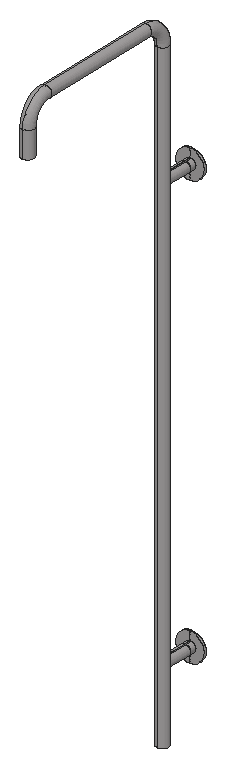
Revit family "Reece_Shower_Milli_Mood Edit_Shower Arm_Arm Only", category Plumbing Fixtures, Revit 2018
Family settings
  Round Connector Dimension = Use Diameter
  Part Type = Normal
  Work Plane-Based = Yes
  Always vertical = Yes
  Cut with Voids When Loaded = Yes
  Shared = Yes
  Room Calculation Point = Yes
Parameters (values of type "Gunmetal")
  URL = "https://www.reece.com.au/product/-2299612"
  Type Comments = "Shower"
  Reece_Shower_Inlet = 12 mm  # constant formula
  Reece_Shower_Arm_Length = 350 mm  # constant formula
  Reece_Rail_Length = 1350 mm  # constant formula
  Reece_Product_Web Page = "https://www.reece.com.au/product/-2299612"
  Reece_Product_Type = "Shower"  # constant formula
  Reece_Product_Sub Brand = "Mood Edit"  # constant formula
  Reece_Product_Number = "2299612"
  Reece_Product_Mount = "Wall Mounted"
  Reece_Product_Description = "Milli Mood Edit Column Shower Arm Only Gunmetal"
  Reece_Product_Brand = "Milli"  # constant formula
  Reece_Material_Main = Reece_Metal_Gunmetal
  Reece_Height_From_Level [instance] = 1850 mm
  Reece_Detail_Shape = ""
  Reece_Detail_Installation = ""
  Reece_Detail_Disclaimer = "THIS FILE IS THE PROPERTY OF THE REECE GROUP. IT MAY NOT BE REPRODUCED, REVERSE-ENGINEERED OR MODIFIED. ANY REPUBLICATION, TRANSMISSION OR DISTRIBUTION FOR THE PURPOSE OF COMMERCIALLY EXPLOITING THE FILES IS PROHIBITED."  # constant formula
  Reece_Detail_Connector = ""
  Reece_Detail_Additional = ""
  Model = "Mood Edit"
  Manufacturer = "Milli"
  Keynote = "Product #2299612, Reece_Shower_Milli_Mood Edit_Shower Arm_Arm Only - Gunmetal"
  Disclaimer = "THIS FILE IS THE PROPERTY OF THE REECE GROUP. IT MAY NOT BE REPRODUCED, REVERSE-ENGINEERED OR MODIFIED. ANY REPUBLICATION, TRANSMISSION OR DISTRIBUTION FOR THE PURPOSE OF COMMERCIALLY EXPLOITING THE FILES IS PROHIBITED."  # constant formula
  Description = "Milli Mood Edit Column Shower Arm Only Gunmetal"
  Default Elevation = 0 mm
Types (4, lengths in mm): name | URL | Reece_Product_Web Page | Reece_Product_Number | Reece_Product_Description | Reece_Material_Main | Keynote | Description
  Chrome | "https://www.reece.com.au/product/-2299610" | "https://www.reece.com.au/product/-2299610" | "2299610" | "Milli Mood Edit Column Shower Arm Only Chrome" | Reece_Brass_Chrome | "Product #2299610, Reece_Shower_Milli_Mood Edit_Shower Arm_Arm Only - Chrome" | "Milli Mood Edit Column Shower Arm Only Chrome"
  Brushed Nickel | "https://www.reece.com.au/product/-2299611" | "https://www.reece.com.au/product/-2299611" | "2299611" | "Milli Mood Edit Column Shower Arm Only Brushed Nickel" | Reece_Brass_Brushed Nickel | "Product #2299611, Reece_Shower_Milli_Mood Edit_Shower Arm_Arm Only - Brushed Nickel" | "Milli Mood Edit Column Shower Arm Only Brushed Nickel"
  Matte Black | "https://www.reece.com.au/product/-2299613" | "https://www.reece.com.au/product/-2299613" | "2299613" | "Milli Mood Edit Column Shower Arm Only Matte Black" | Reece_Brass_Matte Black | "Product #2299613, Reece_Shower_Milli_Mood Edit_Shower Arm_Arm Only - Matte Black" | "Milli Mood Edit Column Shower Arm Only Matte Black"
  Gunmetal | "https://www.reece.com.au/product/-2299612" | "https://www.reece.com.au/product/-2299612" | "2299612" | "Milli Mood Edit Column Shower Arm Only Gunmetal" | Reece_Metal_Gunmetal | "Product #2299612, Reece_Shower_Milli_Mood Edit_Shower Arm_Arm Only - Gunmetal" | "Milli Mood Edit Column Shower Arm Only Gunmetal"
Reference planes
  plane 1 "Center (Front/Back)": y = 0
  plane 2 "Height From Floor": z = 1850
  plane 3 "Center (Left/Right)": x = 0
  plane 4 "Bottom Of Invisible Line": z = -5
  plane 5: y = -75
  plane 6: z = 800
  plane 7: y = -75
  plane 8: z = 2050
  plane 9: x = -12.784
  plane 10: x = 12.654
  plane 11: y = -425
  plane 12: z = 2150
  plane 13: x = -29.977
  plane 14: x = 30.017
  plane 15 "Bottom Rail": z = 950.25
Forms (mm)
  Sweep 1, solid, material "Reece_Metal_Gunmetal" <- "Reece_Material_Main"
    path origin (0, -75, -1076) x (0, -1, 0) y (0, 0, 1)
      loop
        line (0, 1876) -> (0, 3181)
        arc (0, 3181) -> (13.18, 3212.82) -> (45, 3226) r 45
        line (45, 3226) -> (305, 3226)
        arc (305, 3226) -> (336.82, 3212.82) -> (350, 3181) r 45
        line (350, 3181) -> (350, 3126)
    profile origin (0, -75, 1452.5) x (0, 1, 0) y (-1, 0, 0)
      loop
        circle (0, 0) r 12.7
  Revolve 2, solid, material "Reece_Metal_Gunmetal" <- "Reece_Material_Main"
    sketch origin (0, 0, -1076) x (0, 1, 0) y (0, 0, 1)
      loop
        line (0, 2933.5) -> (0, 2956) -> (-3, 2956) -> (-3, 2937) -> (-16.385, 2937) -> (-16.385, 2936) -> (-17.385, 2936) -> (-17.385, 2937) -> (-75, 2937) -> (-75, 2926) -> (-70, 2926) -> (-70, 2933.5) -> (0, 2933.5)
      axis (0, 2926) -> (-75, 2926)
    angle from 0 to 360
  Revolve 3, solid, material "Reece_Metal_Gunmetal" <- "Reece_Material_Main"
    sketch origin (0, 0, -1975.75) x (0, 1, 0) y (0, 0, 1)
      loop
        line (0, 2933.5) -> (0, 2956) -> (-3, 2956) -> (-3, 2937) -> (-16.385, 2937) -> (-16.385, 2936) -> (-17.385, 2936) -> (-17.385, 2937) -> (-75, 2937) -> (-75, 2926) -> (-70, 2926) -> (-70, 2933.5) -> (0, 2933.5)
      axis (0, 2926) -> (-75, 2926)
    angle from 0 to 360
Cuts and joins
  joined: Sweep 1, Revolve 2, Revolve 3
Lines and regions (mm)
  model lines, style "InvisibleLines"
    curve 1: line (0, 0, -5) -> (0, 0, 1850)
Text (mm)
  text "Reece ©" at (2251.171, -1960.459, 3805.183), in view "Reece Preview"
  text "Reece Copyright © 2018, Reece Ltd." at (-293.494, -614.414, -1020.679), in view "Ref. Level"
Dimensions and locks
  "Reece_Shower_Arm_Length": plane 7 to plane 11
  "Reece_Height_From_Level": plane 2 "Height From Floor" to level
  plane 12 to plane 8 to plane 2 "Height From Floor" to plane 15 "Bottom Rail" to plane 6 = 100 mm locked, 200 mm locked, 899.75 mm locked, 150.25 mm locked
  "Reece_Rail_Length": cut or joined group of Sweep 1, Revolve 2, Revolve 3 to plane 12
  cut or joined group of Sweep 1, Revolve 2, Revolve 3 to cut or joined group of Sweep 1, Revolve 2, Revolve 3 = 60 mm  (x2)
  plane 12 to plane 8 to plane 2 "Height From Floor" to plane 15 "Bottom Rail" to plane 6 = 100 mm, 200 mm, 899.75 mm, 150.25 mm  (x2)
  plane 3 "Center (Left/Right)" to plane 3 "Center (Left/Right)" = 0 mm
  plane 9 to plane 10 = 25.438 mm
  plane 13 to plane 14 = 59.994 mm
  "Reece_Shower_Arm_Length": plane 11 to plane 5
  plane 7 to plane 1 "Center (Front/Back)" = 75 mm
  aligned and locked: plane 4 "Bottom Of Invisible Line" to curve 1
  aligned and locked: plane 2 "Height From Floor" to curve 1
  aligned and locked: Revolve 2 sketch curve to plane 2 "Height From Floor"
  aligned and locked: plane 2 "Height From Floor" to Revolve 2 sketch curve
Automatic sketch dimensions
  curve 1 to plane 2 "Height From Floor" = 0 mm
  curve 1 to plane 3 "Center (Left/Right)" = 0 mm
  curve 1 to plane 4 "Bottom Of Invisible Line" = 0 mm
  Sweep 1 sketch curve to plane 5 = 0 mm
  plane 12 to Sweep 1 sketch curve = 0 mm
  Sweep 1 sketch curve to plane 11 = 0 mm
  Sweep 1 sketch curve to plane 6 = 0 mm
  Sweep 1 sketch curve to plane 8 = 0 mm
  plane 5 to Sweep 1 sketch curve = 45 mm
  Sweep 1 sketch curve to plane 11 = 45 mm
  profile plane to Sweep 1 sketch curve = 0 mm
  Sweep 1 sketch curve to profile plane = 0 mm
  Revolve 2 sketch curve to plane 5 = 0 mm
  Revolve 2 sketch curve to plane 1 "Center (Front/Back)" = 0 mm
  Revolve 2 sketch curve to plane 5 = 5 mm
  plane 1 "Center (Front/Back)" to Revolve 2 sketch curve = 17.385 mm
  Revolve 2 sketch curve to Revolve 2 sketch curve = 1 mm  (x2)
  plane 1 "Center (Front/Back)" to Revolve 2 sketch curve = 3 mm
  plane 2 "Height From Floor" to Revolve 2 sketch curve = 7.5 mm
  plane 2 "Height From Floor" to Revolve 2 sketch curve = 10 mm
  Revolve 2 sketch curve to Revolve 2 sketch curve = 3.5 mm
  Revolve 2 sketch curve to Revolve 2 sketch curve = 19 mm
  Revolve 2 sketch curve to Revolve 2 sketch curve = 55 mm
  Revolve 2 sketch curve to plane 1 "Center (Front/Back)" = 20 mm
  Revolve 3 sketch curve to plane 15 "Bottom Rail" = 0 mm  (x2)
  Revolve 3 sketch curve to plane 5 = 0 mm
  Revolve 3 sketch curve to plane 1 "Center (Front/Back)" = 0 mm
  Revolve 3 sketch curve to plane 5 = 5 mm
  plane 1 "Center (Front/Back)" to Revolve 3 sketch curve = 17.385 mm
  Revolve 3 sketch curve to Revolve 3 sketch curve = 1 mm  (x2)
  plane 1 "Center (Front/Back)" to Revolve 3 sketch curve = 3 mm
  Revolve 3 sketch curve to Revolve 3 sketch curve = 7.5 mm
  plane 15 "Bottom Rail" to Revolve 3 sketch curve = 10 mm
  Revolve 3 sketch curve to Revolve 3 sketch curve = 3.5 mm
  Revolve 3 sketch curve to Revolve 3 sketch curve = 19 mm
  Revolve 3 sketch curve to Revolve 3 sketch curve = 55 mm
  Revolve 3 sketch curve to plane 1 "Center (Front/Back)" = 20 mm
  radius of Sweep 1 sketch curve = 12.7 mm
Connectors
  piping at (0, 0, 1850), diameter 12, driven by "Reece_Shower_Inlet"
    settings: on cut or joined group of Sweep 1, Revolve 2, Revolve 3, index 1, connector inside diameter 609.6 mm, connector length 0 mm, flow factor 0, pipe flow 0.0 L/s, pressure drop 0.0 Pa, fitting loss kfactor 0, connector angle 0.00°, fixture units 0, engagement length 0 mm, angle of deflection 0.00°, flow configuration 0, flow direction 1, fitting loss method 0, system type 29, joint type 0, gender type 0, connector reference index -1, connector utility 0, adjustable connector no, is connector primary yes, connector description ""
